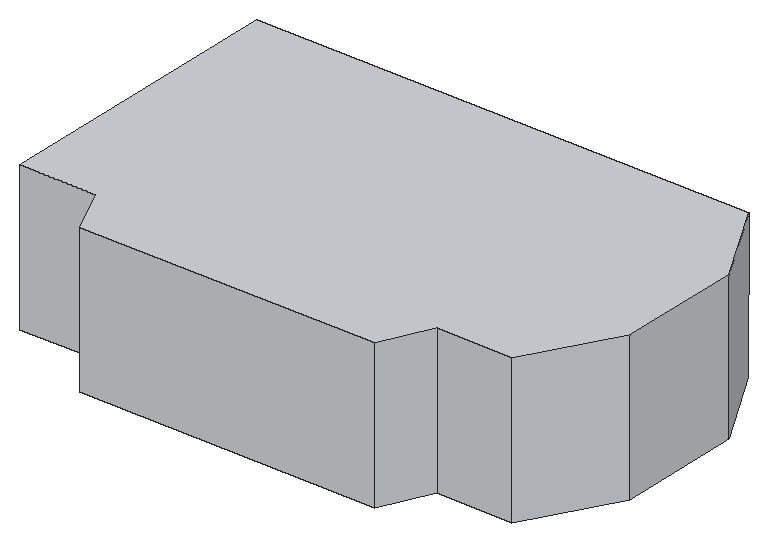
Revit family "58dfbedb299241f9a9e8b9a1a1988087", category Duct Fittings, Revit 2021
Family settings
  Round Connector Dimension = Use Diameter
  Part Type = Tee
  OmniClass Number = 23.75.70.14
  OmniClass Title = Air Ductwork
  Seek Item ID = Rectangular Tee with Transition-0000-USA-ENU
  Work Plane-Based = No
  Always vertical = Yes
  Cut with Voids When Loaded = No
  Shared = No
Parameters (values of type "Standard")
  Length 6 [instance] = Shoulder Length / 2  # 4"
  Length 2 [instance] = 4"
  Length 3 [instance] = (Length 6) * tan(Angle 1) + Duct Width 3 / 2  # 13.86523"
  Duct Length 2 [instance] = Duct Length 1 + Length 2  # 24"
  Duct Width 2 [instance] = 10"
  Duct Width 3 [instance] = 24"
  Duct Width 1 [instance] = 24"
  Shoulder Length [instance] = 8"
  Half Width 1 [instance] = Duct Width 1 / 2  # 12"
  Duct Length 3 [instance] = Duct Width 1 / 2 + Length 6  # 16"
  Half Width 3 [instance] = Duct Width 3 / 2  # 12"
  Duct Length 1 [instance] = Half Width 3 + Shoulder Length  # 20"
  Duct Height [instance] = 12"
  Default Elevation = 0' - 0"
  Assembly Code = ""
  Angle 1 [instance] = 25.00°
Reference planes (in)
  plane 1 "Center (Front/Back)": y = 0
  plane 2: z = 0
  plane 3 "Center (Left/Right)": x = 0
  plane 4: x = -20
  plane 5: x = 20
  plane 6: y = -16
  plane 7: x = -12
  plane 8: x = 12
  plane 9: x = -13.86523
  plane 10: x = 13.86523
  plane 11: z = 6
  plane 12: z = -6
  plane 13: y = 12
  plane 14: y = -12
  plane 15: x = 24
  plane 16: y = 5
  plane 17: y = -5
  plane 18: y = -5
  plane 19: y = 5
  plane 20: y = -5
  plane 21: y = 5
  plane 22: y = -12
  plane 23: y = 12
  plane 24: z = 6
  plane 25: z = -6
Forms (in)
  Sweep 1, solid, detail levels medium+fine
    path in 3D
      loop
        line (-20, 0, 0) -> (0, 0, 0)
    profile "Duct - Rectangular : Duct - Rectangular" origin (-10, 0, 0) x (0, 1, 0) y (0, 0, 1)
      loop
        line (-12, 6) -> (-12, -6) -> (12, -6) -> (12, 6) -> (-12, 6)
  Sweep 2, solid, detail levels medium+fine
    path in 3D
      loop
        line (0, 0, 0) -> (20, 0, 0)
    profile "Duct - Rectangular : Duct - Rectangular" origin (10, 0, 0) x (0, 1, 0) y (0, 0, 1)
      loop
        line (-12, 6) -> (-12, -6) -> (12, -6) -> (12, 6) -> (-12, 6)
  Blend 3, solid, detail levels medium+fine
    base sketch origin (-25.31689, -16, 48) x (-1, 0, 0) y (0, 0, 1)
      loop
        line (-13.31689, -42) -> (-37.31689, -42) -> (-37.31689, -54) -> (-13.31689, -54) -> (-13.31689, -42)
    top sketch origin (-25.31689, -16, 48) x (-1, 0, 0) y (0, 0, 1)
      loop
        line (-11.45165, -42) -> (-39.18212, -42) -> (-39.18212, -54) -> (-11.45165, -54) -> (-11.45165, -42)
    from 0 to 4
  Blend 4, solid, detail levels medium+fine
    base sketch origin (24, 42, 48) x (0, 1, 0) y (0, 0, 1)
      loop
        line (-47, -42) -> (-47, -54) -> (-37, -54) -> (-37, -42) -> (-47, -42)
    top sketch origin (24, 42, 48) x (0, 1, 0) y (0, 0, 1)
      loop
        line (-54, -42) -> (-54, -54) -> (-30, -54) -> (-30, -42) -> (-54, -42)
    from 0 to -4
Cuts and joins
  joined: Sweep 1, Sweep 2, Blend 3, Blend 4
Lines and regions (in)
  reference lines
    curve 1: line (-20, 0, 0) -> (0, 0, 0)
    curve 2: line (0, 0, 0) -> (20, 0, 0)
    curve 3: line (0, 0, 0) -> (0, -16, 0)
  sketch lines
    curve 4: line (-20, 0, 0) -> (0, 0, 0)
    curve 5: line (0, 0, 0) -> (20, 0, 0)
  model lines, style "DuctFitting", detail levels coarse
    curve 6: line (-20, 0, 0) -> (0, 0, 0)
    curve 7: line (0, 0, 0) -> (24, 0, 0)
    curve 8: line (0, 0, 0) -> (0, -16, 0)
Dimensions and locks (in)
  equal spacing: plane 4, plane 3 "Center (Left/Right)", plane 5
  "Duct Length 1": plane 4 to plane 3 "Center (Left/Right)"
  "Duct Length 3": plane 6 to plane 1 "Center (Front/Back)"
  equal spacing: plane 7, plane 3 "Center (Left/Right)", plane 8
  "Duct Width 3": plane 7 to plane 8
  equal spacing: plane 9, plane 3 "Center (Left/Right)", plane 10
  "Length 3": plane 9 to plane 3 "Center (Left/Right)"
  equal spacing: plane 11, level, plane 12
  "Duct Height": plane 11 to plane 12
  equal spacing: plane 13, plane 1 "Center (Front/Back)", plane 14
  "Half Width 1": plane 13 to plane 1 "Center (Front/Back)"
  "Duct Length 2": plane 3 "Center (Left/Right)" to plane 15
  equal spacing: plane 16, plane 1 "Center (Front/Back)", plane 17
  "Duct Width 2": plane 16 to plane 17
  equal spacing: plane 18, plane 1 "Center (Front/Back)", plane 19
  equal spacing: plane 20, plane 1 "Center (Front/Back)", plane 21
  equal spacing: plane 22, plane 1 "Center (Front/Back)", plane 23
  equal spacing: plane 24, level, plane 25
  aligned and locked: plane 3 "Center (Left/Right)" to curve 1
  aligned and locked: plane 4 to curve 1
  aligned and locked: plane 1 "Center (Front/Back)" to curve 1
  aligned and locked: plane 5 to curve 2
  aligned and locked: plane 1 "Center (Front/Back)" to curve 2
  aligned and locked: plane 6 to curve 3
  aligned and locked: curve 6 to curve 1
  aligned and locked: curve 7 to curve 2
  aligned and locked: curve 8 to curve 3
  aligned and locked: Blend 3 sketch curve to plane 11  (x2)
  aligned and locked: plane 12 to Blend 3 sketch curve  (x2)
  aligned and locked: plane 7 to Blend 3 sketch curve
  aligned and locked: Blend 3 sketch curve to plane 8
  aligned and locked: plane 9 to Blend 3 sketch curve
  aligned and locked: Blend 3 sketch curve to plane 10
  aligned and locked: plane 14 to Blend 3
  aligned and locked: Blend 3 to plane 6
  aligned and locked: Blend 4 sketch curve to plane 16
  aligned and locked: plane 17 to Blend 4 sketch curve
  aligned and locked: Blend 4 sketch curve to plane 11  (x2)
  aligned and locked: plane 12 to Blend 4 sketch curve  (x2)
  aligned and locked: Blend 4 sketch curve to plane 13
  aligned and locked: plane 14 to Blend 4 sketch curve
  aligned and locked: Blend 4 to plane 15
  aligned and locked: Blend 4 to plane 5
  aligned and locked: plane 15 to curve 7
Automatic sketch dimensions
  curve 6 to plane 4 = 0' - 0"
  curve 8 to plane 6 = 0' - 0"
Connectors (in)
  hvac at (-20, 0, 0), driven by "Duct Height", driven by "Duct Width 1"
    settings: on cut or joined group of Sweep 1, Sweep 2, Blend 3, Blend 4, index 1, duct flow 0 CFM, flow factor 0, pres drop 0.00 in-wg, loss coef 0, conn angle 0.00°, conn width 24", conn height 12", conn diameter 24", duct sys type 28, conn prof type 1, flow config 0, flow direction 0, loss method 0, conn ref index 2, conn util no, is conn primary yes, conn desc ""
  hvac at (24, 0, 0), driven by "Duct Height", driven by "Duct Width 2"
    settings: on Blend 4, index 2, duct flow 0 CFM, flow factor 0, pres drop 0.00 in-wg, loss coef 0, conn angle 0.00°, conn width 10", conn height 12", conn diameter 24", duct sys type 28, conn prof type 1, flow config 0, flow direction 0, loss method 0, conn ref index 1, conn util no, is conn primary no, conn desc ""
  hvac at (0, -16, 0), driven by "Duct Height", driven by "Duct Width 3"
    settings: on Blend 3, index 3, duct flow 0 CFM, flow factor 0, pres drop 0.00 in-wg, loss coef 0, conn angle 0.00°, conn width 24", conn height 12", conn diameter 24", duct sys type 28, conn prof type 1, flow config 0, flow direction 0, loss method 0, conn ref index -1, conn util no, is conn primary no, conn desc ""
